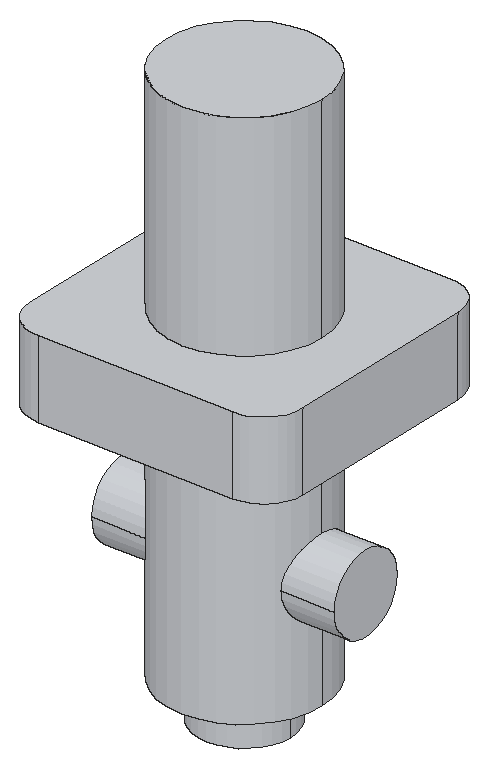
Revit family "8add6f608e404964952da00fe2019cf1", category Pipe Accessories, Revit 2021
Family settings
  Round Connector Dimension = Use Radius
  Part Type = Valve - Breaks Into
  OmniClass Number = 23.65.55.14.17
  OmniClass Title = Adjusting/Controlling Valves for Liquid Services
  Seek Item ID = Pressure Regulating Valve - 0.5-2 Inch - Threaded-0000-USA-ENU
  Work Plane-Based = No
  Always vertical = Yes
  Cut with Voids When Loaded = No
  Shared = No
Parameters (values of type "1/2"")
  Valve Material = none
  Valve Length = 0' - 3 1/8"
  Radius = Body Radius * 0.6  # 0' - 0.6"
  Overall Height = 0' - 7 1/2"
  Outside Radius = Outside Diameter / 2  # 0' - 0 1/2"
  Outside Diameter = Nominal  Diameter + 0' 0 1/2"  # 0' - 1"
  Nominal Radius = 1/4"
  Nominal  Diameter = Nominal Radius * 2  # 1/2"
  Length = (Body Diameter + 0' 1 1/2") / 2  # 0' - 1 3/4"
  K Coefficient = 18.5
  Height 2 = Overall Height / 2  # 0' - 3 3/4"
  Height 1 = 0' - 2"
  Flow [instance] = 92 GPM
  Default Elevation = 0' - 0"
  Body Radius = Body Diameter / 2  # 0' - 1"
  Body Material = none
  Body Diameter = Outside Diameter + 0' 1"  # 0' - 2"
Types (6): name | Valve Length | Radius | Overall Height | Outside Radius | Outside Diameter | Nominal Radius | Nominal  Diameter | Length | K Coefficient | Height 2 | Height 1 | Flow | Body Radius | Body Diameter
  (no name) | 0' - 3 1/8" | 0' - 0.6" | 0' - 7 1/2" | 0' - 0 1/2" | 0' - 1" | 1/4" | 1/2" | 0' - 1 3/4" | 18.5 | 0' - 3 3/4" | 0' - 2" | 92 GPM | 0' - 1" | 0' - 2"
  1/2" | 0' - 3 1/8" | 0' - 0.6" | 0' - 7 1/2" | 0' - 0 1/2" | 0' - 1" | 1/4" | 1/2" | 0' - 1 3/4" | 18.5 | 0' - 3 3/4" | 0' - 2" | 92 GPM | 0' - 1" | 0' - 2"
  3/4" | 0' - 3 3/8" | 0' - 0.675" | 0' - 7 1/2" | 0' - 0 5/8" | 0' - 1 1/4" | 3/8" | 3/4" | 0' - 1 7/8" | 21.5 | 0' - 3 3/4" | 0' - 2" | 110 GPM | 0' - 1 1/8" | 0' - 2 1/4"
  1" | 0' - 3 3/4" | 0' - 0 3/4" | 0' - 7 1/2" | 0' - 0 3/4" | 0' - 1 1/2" | 1/2" | 1" | 0' - 2" | 36 | 0' - 3 3/4" | 0' - 2" | 180 GPM | 0' - 1 1/4" | 0' - 2 1/2"
  1 1/2" | 0' - 5 1/2" | 0' - 0.9" | 1' - 0 1/8" | 0' - 1" | 0' - 2" | 3/4" | 1 1/2" | 0' - 2 1/4" | 80 | 0' - 6 1/16" | 0' - 3" | 390 GPM | 0' - 1 1/2" | 0' - 3"
  2" | 0' - 5 7/8" | 0' - 1.05" | 1' - 0 1/8" | 0' - 1 1/4" | 0' - 2 1/2" | 1" | 2" | 0' - 2 1/2" | 122 | 0' - 6 1/16" | 0' - 3" | 605 GPM | 0' - 1 3/4" | 0' - 3 1/2"
Reference planes (in)
  plane 1 "Center (Front/Back)": y = 0
  plane 2: z = 0
  plane 3 "Center (Left/Right)": x = 0
  plane 4: z = -2
  plane 5: z = 5.5
  plane 6: z = 1.75
  plane 7: z = 2.75
  plane 8: z = -1.5
  plane 9: x = -1.75
  plane 10: x = 1.75
  plane 11: y = -1.75
  plane 12: y = 1.75
  plane 13: x = -1.5625
  plane 14: x = 1.5625
  plane 15: y = 4
  plane 16: y = 6
  plane 17: y = 8
  plane 18: x = 3
  plane 19: y = 5
Forms (in)
  Extrusion 1, solid, material <- "Body Material", detail levels fine
    sketch origin (0, 0, 0) x (1, 0, 0) y (0, 1, 0)
      loop
        circle (0, 0) r 1
    from 2.75 to 5.5
  Extrusion 2, solid, material <- "Valve Material", detail levels fine
    sketch origin (0, 0, 0) x (1, 0, 0) y (0, 1, 0)
      loop
        circle (0, 0) r 1
    from -1.5 to 1.75
  Extrusion 3, solid, material <- "Valve Material", detail levels fine
    sketch origin (0, 0, 0) x (1, 0, 0) y (0, 1, 0)
      loop
        circle (0, 0) r 0.6
    from -2 to -1.5
  Extrusion 4, solid, material <- "Valve Material", detail levels fine
    sketch origin (0, 0, 0) x (1, 0, 0) y (0, 1, 0)
      loop
        arc (-1.25, 1.75) -> (-1.60355, 1.60355) -> (-1.75, 1.25) r 0.5
        line (-1.75, 1.25) -> (-1.75, -1.25)
        arc (-1.75, -1.25) -> (-1.60355, -1.60355) -> (-1.25, -1.75) r 0.5
        line (-1.25, -1.75) -> (1.25, -1.75)
        arc (1.25, -1.75) -> (1.60355, -1.60355) -> (1.75, -1.25) r 0.5
        line (1.75, -1.25) -> (1.75, 1.25)
        arc (1.75, 1.25) -> (1.60355, 1.60355) -> (1.25, 1.75) r 0.5
        line (1.25, 1.75) -> (-1.25, 1.75)
    from 1.75 to 2.75
  Extrusion 5, solid, material <- "Valve Material", detail levels fine
    sketch origin (0, 0, 0) x (0, 1, 0) y (0, 0, 1)
      loop
        circle (0, 0) r 0.5
    from -1.5625 to 1.5625
Cuts and joins
  joined: Extrusion 2, Extrusion 3, Extrusion 4, Extrusion 5
Lines and regions (in)
  model lines, detail levels coarse+medium
    curve 1: line (0, 4, 0) -> (0, 0, 0)
    curve 2: line (-2, 4, 0) -> (2, 4, 0)
    curve 3: arc (2, 4, 0) -> (0, 6, 0) -> (-2, 4, 0) r 2
    curve 4: line (0, 8, 0) -> (0, 6, 0)
    curve 5: line (0, 8, 0) -> (3, 8, 0)
    curve 6: line (3, 8, 0) -> (3, 4, 0)
    curve 7: line (3, 4, 0) -> (0, 0, 0)
    curve 8: line (-1.5625, 1.75, 0) -> (-1.5625, -1.75, 0)
    curve 9: line (1.5625, 1.75, 0) -> (1.5625, -1.75, 0)
    curve 10: line (-1.5625, 1.75, 0) -> (1.5625, -1.75, 0)
    curve 11: line (1.5625, 1.75, 0) -> (-1.5625, -1.75, 0)
    curve 12: line (1.5625, 0, 0) -> (6.9375, 0, 0)
    curve 13: line (-5.5625, 0, 0) -> (-1.5625, 0, 0)
Dimensions and locks (in)
  "Overall Height": plane 5 to plane 4
  "Height 1": plane 2 to plane 4
  "Height 2": plane 5 to plane 6
  locked: plane 7 to plane 6 at 1
  locked: plane 8 to plane 4 at 0.5
  "Length": plane 1 "Center (Front/Back)" to plane 12
  "Length": plane 11 to plane 1 "Center (Front/Back)"
  "Length": plane 9 to plane 3 "Center (Left/Right)"
  "Length": plane 3 "Center (Left/Right)" to plane 10
  equal spacing: plane 14, plane 3 "Center (Left/Right)", plane 13
  "Valve Length": plane 14 to plane 13
  locked: plane 1 "Center (Front/Back)" to plane 15 at 4
  locked: plane 16 to plane 15 at 2
  locked: plane 17 to plane 16 at 2
  locked: plane 3 "Center (Left/Right)" to plane 18 at 3
  locked: plane 16 to plane 19 at 1
  "Body Radius": radius of Extrusion 1 sketch curve
  "Body Radius": radius of Extrusion 2 sketch curve
  "Radius": radius of Extrusion 3 sketch curve
  "Outside Radius": radius of Extrusion 5 sketch curve
  aligned and locked: plane 1 "Center (Front/Back)" to Extrusion 1 sketch curve
  aligned and locked: plane 3 "Center (Left/Right)" to Extrusion 1 sketch curve
  aligned and locked: plane 5 to Extrusion 1
  aligned and locked: Extrusion 1 to plane 7
  aligned and locked: plane 1 "Center (Front/Back)" to Extrusion 2 sketch curve
  aligned and locked: plane 3 "Center (Left/Right)" to Extrusion 2 sketch curve
  aligned and locked: Extrusion 2 to plane 8
  aligned and locked: plane 6 to Extrusion 2
  aligned and locked: plane 8 to Extrusion 2
  aligned and locked: plane 1 "Center (Front/Back)" to Extrusion 3 sketch curve
  aligned and locked: plane 3 "Center (Left/Right)" to Extrusion 3 sketch curve
  aligned and locked: Extrusion 3 to plane 4
  aligned and locked: plane 8 to Extrusion 3
  aligned and locked: Extrusion 4 sketch curve to plane 12
  aligned and locked: Extrusion 4 sketch curve to plane 10
  aligned and locked: Extrusion 4 to plane 6
  aligned and locked: plane 7 to Extrusion 4
  aligned and locked: plane 2 to Extrusion 5 sketch curve
  aligned and locked: plane 1 "Center (Front/Back)" to Extrusion 5 sketch curve
  aligned and locked: Extrusion 5 to plane 13
  aligned and locked: plane 14 to Extrusion 5
  aligned and locked: plane 1 "Center (Front/Back)" to curve 1
  aligned and locked: plane 15 to curve 1
  aligned and locked: curve 1 to plane 3 "Center (Left/Right)"
  aligned and locked: curve 2 to plane 15
  aligned and locked: plane 16 to curve 4
  aligned and locked: curve 4 to plane 3 "Center (Left/Right)"
  aligned and locked: plane 18 to curve 5
  aligned and locked: curve 5 to plane 17
  aligned and locked: plane 15 to curve 6
  aligned and locked: plane 17 to curve 6
  aligned and locked: plane 11 to curve 8
  aligned and locked: plane 12 to curve 8
  aligned and locked: curve 8 to plane 13
  aligned and locked: plane 11 to curve 9
  aligned and locked: plane 12 to curve 9
  aligned and locked: curve 9 to plane 14
  aligned and locked: plane 14 to curve 12
  aligned and locked: plane 1 "Center (Front/Back)" to curve 12
  aligned and locked: plane 13 to curve 13
  aligned and locked: plane 1 "Center (Front/Back)" to curve 13
Automatic sketch dimensions
  Extrusion 4 sketch curve to plane 9 = 0' - 0"
  Extrusion 4 sketch curve to plane 11 = 0' - 0"
  plane 9 to Extrusion 4 sketch curve = 0' - 0 1/2"  (x2)
  Extrusion 4 sketch curve to plane 10 = 0' - 0 1/2"  (x2)
  curve 3 to plane 3 "Center (Left/Right)" = 0' - 0"
  curve 13 to curve 13 = 0' - 4"
  plane 18 to curve 12 = 0' - 3 15/16"
Connectors (in)
  piping at (-1.5625, 0, 0), diameter 0.5, driven by "Nominal Radius", driven by "Flow"
    settings: on cut or joined group of Extrusion 2, Extrusion 3, Extrusion 4, Extrusion 5, index 1, connector inside diameter 1/2", connector length 0' - 0", flow factor 0, pipe flow 92 GPM, pressure drop 0.00 psi, fitting loss kfactor 0, connector angle 0.00°, fixture units 0, engagement length 0' - 0", angle of deflection 0.00°, flow configuration 0, flow direction 0, fitting loss method 2, system type 29, joint type 0, gender type 0, connector reference index 2, connector utility 0, adjustable connector no, is connector primary yes, connector description ""
  piping at (1.5625, 0, 0), diameter 0.5, driven by "Nominal Radius", driven by "Flow", driven by "K Coefficient"
    settings: on cut or joined group of Extrusion 2, Extrusion 3, Extrusion 4, Extrusion 5, index 2, connector inside diameter 1/2", connector length 0' - 0", flow factor 0, pipe flow 92 GPM, pressure drop 0.00 psi, fitting loss kfactor 18.5, connector angle 0.00°, fixture units 0, engagement length 0' - 0", angle of deflection 0.00°, flow configuration 0, flow direction 0, fitting loss method 2, system type 29, joint type 0, gender type 0, connector reference index 1, connector utility 0, adjustable connector no, is connector primary no, connector description ""
